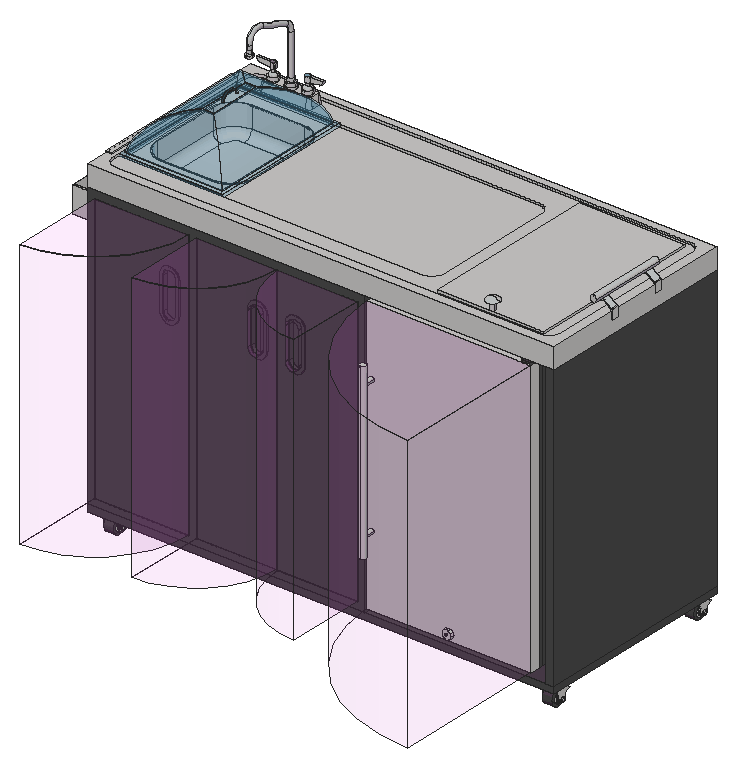
Revit family "QF_Summit_CARTOS54LS_Mobile_Outdoor_Serving_Station_with_Refrigerator", category Specialty Equipment, Revit 2020
Family settings
  Round Connector Dimension = Use Diameter
  Part Type = Normal
  Work Plane-Based = No
  Always vertical = Yes
  Cut with Voids When Loaded = No
  Shared = No
  Room Calculation Point = No
Parameters
  Weight in Pounds = 180
  Watts = Volts * FL Amps  # 0 W
  Volts = 0 V
  URL Cutsheet = ""
  Specification by User = ""
  Specification by Manufacturer = ""
  Show RHD [instance] = yes
  Show LHD [instance] = not(Show RHD)  # no
  Show Clearance [instance] = yes
  Serial Number = ""
  Seismic Rating = ""
  SMACNA No = ""
  Revision Code = ""
  Refrigerant Volume = 0.00 kip
  Refrigerant Type = "R600a"
  Phase = 0
  Number of Poles = 1
  NAFEM Spec ID Number = ""
  Model = "CARTOS54LS"
  Min Ckt Ampacity = 0 A
  Max Overcurrent Protection = 0 A
  Masterspec = ""
  Manufacturer = "Summit"
  Length = 57 7/8"
  Item Number = ""
  Installed By = ""
  Identify Quantity as Lot = yes
  Height = 38 1/2"
  HP = ""
  Furnished By = ""
  Foodservice Equipment Identifier = yes
  FL Amps = 0 A
  Electrical Remarks = ""
  Electric Connection Type = ""
  Elec Conn RI Height = 0"
  Elec Conn Connection Height = 0"
  Description = "Mobile Outdoor Serving Station with Refrigerator"
  Depth = 23 5/8"
  Default Elevation = 0"
  Cycle = 0 Hz
  Conn Plug = ""
  Conn Conduit = yes
  CSI MasterFormat = ""
  Apparent Power = if(Phase = 3, Volts * FL Amps * 1.73, Volts * FL Amps)  # 0 VA
Reference planes (in)
  plane 1 "BACK": y = 0
  plane 2: z = 0
  plane 3 "LEFT": x = -5.125
  plane 4 "RIGHT": x = 48.75
  plane 5 "FRONT": y = -23.625
  plane 6 "TOP": z = 38.5
  plane 7 "Center Y": x = 21.8125
  plane 8 "Center X": y = -11.8125
  plane 9 "Base Height": z = 2.5
  plane 10: y = -38.63
  plane 11: z = 3.25
  plane 12: x = -3.375
  plane 13: x = -9.125
Forms (in)
  Extrusion 1, solid, material "QF_Metal - Stainless - Polished"
    sketch origin (32, 0, 38.5) x (-1, 0, 0) y (0, -1, 0)
      loop
        line (37.125, 0) -> (37.125, 23.625) -> (-16.75, 23.625) -> (-16.75, 0) -> (37.125, 0)
      loop
        arc (35.4375, 15.73093) -> (34.68696, 17.54289) -> (32.875, 18.29343) r 2.5625
        line (32.875, 18.29343) -> (26.875, 18.29343)
        arc (26.875, 18.29343) -> (25.06304, 17.54289) -> (24.3125, 15.73093) r 2.5625
        line (24.3125, 15.73093) -> (24.3125, 7.73093)
        arc (24.3125, 7.73093) -> (25.06304, 5.91896) -> (26.875, 5.16843) r 2.5625
        line (26.875, 5.16843) -> (32.875, 5.16843)
        arc (32.875, 5.16843) -> (34.68696, 5.91896) -> (35.4375, 7.73093) r 2.5625
        line (35.4375, 7.73093) -> (35.4375, 15.73093)
    from 0 to -2.375
  Sweep 2, solid, material "QF_Metal - Stainless - Polished"
    path origin (-7.6696, 0.875, 0) x (1, 0, 0) y (0, 1, 0)
      loop
        arc (4.2946, -16.60593) -> (5.02683, -18.37369) -> (6.7946, -19.10593) r 2.5
        line (6.7946, -19.10593) -> (12.7946, -19.10593)
        arc (12.7946, -19.10593) -> (14.56236, -18.37369) -> (15.2946, -16.60593) r 2.5
        line (15.2946, -16.60593) -> (15.2946, -8.60593)
        arc (15.2946, -8.60593) -> (14.56236, -6.83816) -> (12.7946, -6.10593) r 2.5
        line (12.7946, -6.10593) -> (6.7946, -6.10593)
        arc (6.7946, -6.10593) -> (5.02683, -6.83816) -> (4.2946, -8.60593) r 2.5
        line (4.2946, -8.60593) -> (4.2946, -16.60593)
    profile origin (-3.375, -11.73093, 0) x (-1, 0, 0) y (0, 0, 1)
      loop
        line (0, 38) -> (0, 35.5625)
        arc (0, 35.5625) -> (-0.29289, 34.85539) -> (-1, 34.5625) r 1
        line (-1, 34.5625) -> (-1, 34.5)
        arc (-1, 34.5) -> (-0.2487, 34.8112) -> (0.0625, 35.5625) r 1.0625
        line (0.0625, 35.5625) -> (0.0625, 38) -> (0, 38)
  Extrusion 3, solid, material "QF_Plastic - Black - Smooth"
    sketch origin (-18.18739, -180, 2.5) x (-1, 0, 0) y (0, -1, 0)
      loop
        line (-13.06239, -180) -> (-13.06239, -156.375) -> (-13.93739, -156.375) -> (-13.93739, -179) -> (-44.31239, -179) -> (-44.31239, -156.375) -> (-45.18739, -156.375) -> (-45.18739, -179) -> (-66.06239, -179) -> (-66.06239, -156.375) -> (-66.93739, -156.375) -> (-66.93739, -180) -> (-13.06239, -180)
    from 0.75 to 33.625
  Extrusion 4, solid, material "QF_Plastic - Black - Smooth"
    sketch origin (-4.25, -23.625, 2.5) x (-1, 0, 0) y (0, 0, -1)
      loop
        line (0, -33.625) -> (0, -32.75) -> (-10.875, -32.75) -> (-10.875, -33.625) -> (0, -33.625)
      loop
        line (-11.75, -33.625) -> (-11.75, -32.75) -> (-30.375, -32.75) -> (-30.375, -33.625) -> (-11.75, -33.625)
    from 0 to -1
  Extrusion 5, solid, material "QF_Plastic - Black - Smooth"
    sketch origin (4.5, -1, 2.5) x (1, 0, 0) y (0, 0, 1)
      loop
        line (-8.75, 1.625) -> (-8.75, 0.75) -> (21.625, 0.75) -> (21.625, 1.625) -> (-8.75, 1.625)
    from 0 to 22.625
  Extrusion 6, solid, material "QF_Plastic - Black - Smooth"
    sketch origin (20, -23.625, 2.5) x (-1, 0, 0) y (0, 0, -1)
      loop
        line (24.25, -1.625) -> (13.375, -1.625) -> (13.375, -32.75) -> (24.25, -32.75) -> (24.25, -1.625)
      loop
        line (12.5, -32.75) -> (12.5, -1.625) -> (3.1875, -1.625) -> (3.1875, -32.75) -> (12.5, -32.75)
      loop
        line (3.0625, -32.75) -> (3.0625, -1.625) -> (-6.125, -1.625) -> (-6.125, -32.75) -> (3.0625, -32.75)
    from 0 to -1
  Extrusion 7, void
    sketch origin (7.40962, -23.625, 2.5) x (-1, 0, 0) y (0, 0, -1)
      loop
        line (3.78462, -27.625) -> (3.78462, -23.875)
        arc (3.78462, -23.875) -> (3.03462, -23.125) -> (2.28462, -23.875) r 0.75
        line (2.28462, -23.875) -> (2.28462, -27.625)
        arc (2.28462, -27.625) -> (3.03462, -28.375) -> (3.78462, -27.625) r 0.75
    from 0.5 to -0.5009
  Extrusion 8, solid, material "QF_Plastic - Black - Smooth"
    sketch origin (7.15962, -23.625, 2.5) x (-1, 0, 0) y (0, 0, -1)
      loop
        arc (3.53462, -23.875) -> (2.78462, -23.125) -> (2.03462, -23.875) r 0.75
        line (2.03462, -23.875) -> (2.03462, -27.625)
        arc (2.03462, -27.625) -> (2.78462, -28.375) -> (3.53462, -27.625) r 0.75
        line (3.53462, -27.625) -> (3.53462, -23.875)
      loop
        line (3.90962, -27.625) -> (3.90962, -23.875)
        arc (3.90962, -23.875) -> (2.78462, -22.75) -> (1.65962, -23.875) r 1.125
        line (1.65962, -23.875) -> (1.65962, -27.625)
        arc (1.65962, -27.625) -> (2.78462, -28.75) -> (3.90962, -27.625) r 1.125
    from 0 to 0.0625
  Extrusion 9, solid, material "QF_Metal - Stainless - Polished"
    sketch origin (-21.5615, 0.875, 5.375) x (1, 0, 0) y (0, 1, 0)
      loop
        line (19.1865, -8.60593) -> (19.1865, -16.60593)
        arc (19.1865, -16.60593) -> (19.62584, -17.66659) -> (20.6865, -18.10593) r 1.5
        line (20.6865, -18.10593) -> (26.6865, -18.10593)
        arc (26.6865, -18.10593) -> (27.74716, -17.66659) -> (28.1865, -16.60593) r 1.5
        line (28.1865, -16.60593) -> (28.1865, -8.60593)
        arc (28.1865, -8.60593) -> (27.74716, -7.54527) -> (26.6865, -7.10593) r 1.5
        line (26.6865, -7.10593) -> (20.6865, -7.10593)
        arc (20.6865, -7.10593) -> (19.62584, -7.54527) -> (19.1865, -8.60593) r 1.5
      loop
        circle (22.6865, -15.35593) r 0.875
    from 29.125 to 29.1875
  Extrusion 10, solid, material "QF_Clearances_Door_Drawer", visible <- "Show Clearance"
    sketch origin (-7.19319, 0, 0) x (1, 0, 0) y (0, 1, 0)
      loop
        arc (24.13069, -23.625) -> (26.82165, -30.12154) -> (33.31819, -32.8125) r 9.1875
        line (33.31819, -32.8125) -> (33.31819, -23.625) -> (24.13069, -23.625)
      loop
        line (24.00569, -23.625) -> (14.69319, -23.625) -> (14.69319, -32.9375)
        arc (14.69319, -32.9375) -> (21.27813, -30.20993) -> (24.00569, -23.625) r 9.3125
      loop
        line (13.81819, -23.625) -> (2.94319, -23.625) -> (2.94319, -34.5)
        arc (2.94319, -34.5) -> (10.63298, -31.31479) -> (13.81819, -23.625) r 10.875
    from 4.125 to 35.25
  Extrusion 11, void
    sketch origin (32, 0, 38.5) x (-1, 0, 0) y (0, -1, 0)
      loop
        arc (-15.75, 2.35593) -> (-15.31066, 1.29527) -> (-14.25, 0.85593) r 1.5
        line (-14.25, 0.85593) -> (34.625, 0.85593)
        arc (34.625, 0.85593) -> (35.68566, 1.29527) -> (36.125, 2.35593) r 1.5
        line (36.125, 2.35593) -> (36.125, 21.125)
        arc (36.125, 21.125) -> (35.68566, 22.18566) -> (34.625, 22.625) r 1.5
        line (34.625, 22.625) -> (-14.25, 22.625)
        arc (-14.25, 22.625) -> (-15.31066, 22.18566) -> (-15.75, 21.125) r 1.5
        line (-15.75, 21.125) -> (-15.75, 2.35593)
      loop
        arc (26.875, 18.29343) -> (25.06304, 17.54289) -> (24.3125, 15.73093) r 2.5625
        line (24.3125, 15.73093) -> (24.3125, 7.73093)
        arc (24.3125, 7.73093) -> (25.06304, 5.91896) -> (26.875, 5.16843) r 2.5625
        line (26.875, 5.16843) -> (32.875, 5.16843)
        arc (32.875, 5.16843) -> (34.68696, 5.91896) -> (35.4375, 7.73093) r 2.5625
        line (35.4375, 7.73093) -> (35.4375, 15.73093)
        arc (35.4375, 15.73093) -> (34.68696, 17.54289) -> (32.875, 18.29343) r 2.5625
        line (32.875, 18.29343) -> (26.875, 18.29343)
    from -0.25 to 1
  Extrusion 12, void
    sketch origin (32, 0, 38.25) x (-1, 0, 0) y (0, -1, 0)
      loop
        line (1.125, 3.35593) -> (36.125, 3.35593) -> (36.125, 20.35593) -> (1.125, 20.35593)
        arc (1.125, 20.35593) -> (0.06434, 19.91659) -> (-0.375, 18.85593) r 1.5
        line (-0.375, 18.85593) -> (-0.375, 4.85593)
        arc (-0.375, 4.85593) -> (0.06434, 3.79527) -> (1.125, 3.35593) r 1.5
      loop
        line (-2.0625, 1.5) -> (-2.0625, 22) -> (-14.3125, 22) -> (-14.3125, 1.5) -> (-2.0625, 1.5)
    from -0.25 to 1
  Extrusion 13, void
    sketch origin (8.05337, -23.625, 7.37985) x (-1, 0, 0) y (0, 0, -1)
      loop
        arc (-5.75913, -18.99515) -> (-6.50913, -18.24515) -> (-7.25913, -18.99515) r 0.75
        line (-7.25913, -18.99515) -> (-7.25913, -22.74515)
        arc (-7.25913, -22.74515) -> (-6.50913, -23.49515) -> (-5.75913, -22.74515) r 0.75
        line (-5.75913, -22.74515) -> (-5.75913, -18.99515)
    from 0.5 to -0.5009
  Extrusion 14, solid, material "QF_Plastic - Black - Smooth"
    sketch origin (7.80337, -23.625, 7.37985) x (-1, 0, 0) y (0, 0, -1)
      loop
        arc (-7.50913, -22.74515) -> (-6.75913, -23.49515) -> (-6.00913, -22.74515) r 0.75
        line (-6.00913, -22.74515) -> (-6.00913, -18.99515)
        arc (-6.00913, -18.99515) -> (-6.75913, -18.24515) -> (-7.50913, -18.99515) r 0.75
        line (-7.50913, -18.99515) -> (-7.50913, -22.74515)
      loop
        arc (-7.88413, -22.74515) -> (-6.75913, -23.87015) -> (-5.63413, -22.74515) r 1.125
        line (-5.63413, -22.74515) -> (-5.63413, -18.99515)
        arc (-5.63413, -18.99515) -> (-6.75913, -17.87015) -> (-7.88413, -18.99515) r 1.125
        line (-7.88413, -18.99515) -> (-7.88413, -22.74515)
    from 0 to 0.0625
  Extrusion 15, solid, material "QF_Plastic - Black - Smooth"
    sketch origin (-11.06091, -180, 2.5) x (-1, 0, 0) y (0, -1, 0)
      loop
        line (-5.93591, -180) -> (-5.93591, -156.375) -> (-59.81091, -156.375) -> (-59.81091, -180) -> (-5.93591, -180)
    from 0 to 0.75
  Extrusion 16, void
    sketch origin (12.42837, -23.625, 7.37985) x (-1, 0, 0) y (0, 0, -1)
      loop
        arc (-5.75913, -18.99515) -> (-6.50913, -18.24515) -> (-7.25913, -18.99515) r 0.75
        line (-7.25913, -18.99515) -> (-7.25913, -22.74515)
        arc (-7.25913, -22.74515) -> (-6.50913, -23.49515) -> (-5.75913, -22.74515) r 0.75
        line (-5.75913, -22.74515) -> (-5.75913, -18.99515)
    from 0.5 to -0.5009
  Extrusion 17, solid, material "QF_Plastic - Black - Smooth"
    sketch origin (12.17837, -23.625, 7.37985) x (-1, 0, 0) y (0, 0, -1)
      loop
        arc (-7.50913, -22.74515) -> (-6.75913, -23.49515) -> (-6.00913, -22.74515) r 0.75
        line (-6.00913, -22.74515) -> (-6.00913, -18.99515)
        arc (-6.00913, -18.99515) -> (-6.75913, -18.24515) -> (-7.50913, -18.99515) r 0.75
        line (-7.50913, -18.99515) -> (-7.50913, -22.74515)
      loop
        arc (-7.88413, -22.74515) -> (-6.75913, -23.87015) -> (-5.63413, -22.74515) r 1.125
        line (-5.63413, -22.74515) -> (-5.63413, -18.99515)
        arc (-5.63413, -18.99515) -> (-6.75913, -17.87015) -> (-7.88413, -18.99515) r 1.125
        line (-7.88413, -18.99515) -> (-7.88413, -22.74515)
    from 0 to 0.0625
  Extrusion 18, solid, material "QF_Plastic - Black - Smooth"
    sketch origin (-4.25, -23.625, 2.5) x (-1, 0, 0) y (0, 0, -1)
      loop
        line (-10.875, -33.625) -> (-10.875, -0.75) -> (-11.75, -0.75) -> (-11.75, -33.625) -> (-10.875, -33.625)
    from 0 to -1
  Extrusion 19, solid, material "QF_Metal - Stainless - Polished"
    sketch origin (0, 0, 0) x (1, 0, 0) y (0, 0, 1)
      loop
        circle (47.5, 39.77998) r 0.375
    from 7.23093 to 16.24046
  Extrusion 20, solid, material "QF_Metal - Stainless - Polished"
    sketch origin (0, 0, 0) x (1, 0, 0) y (0, 0, 1)
      loop
        line (47.25, 39.50047) -> (47.25, 39.34696)
        arc (47.25, 39.34696) -> (47.37059, 39.29701) -> (47.5, 39.27998) r 0.5
        arc (47.5, 39.27998) -> (47.62819, 39.29669) -> (47.74781, 39.34571) r 0.5
        arc (47.74781, 39.34571) -> (47.80199, 39.35875) -> (47.85473, 39.34077) r 0.1
        line (47.85473, 39.34077) -> (48.70736, 38.74376)
        arc (48.70736, 38.74376) -> (48.7387, 38.70801) -> (48.75, 38.66184) r 0.1
        line (48.75, 38.66184) -> (48.75, 37.66184) -> (48.875, 37.66184) -> (48.875, 38.72691)
        arc (48.875, 38.72691) -> (48.8637, 38.77309) -> (48.83236, 38.80883) r 0.1
        line (48.83236, 38.80883) -> (47.78815, 39.53999)
        arc (47.78815, 39.53999) -> (47.52746, 39.40598) -> (47.25, 39.50047) r 0.375
    from 8.24046 to 8.99046
  Extrusion 21, solid, material "QF_Metal - Stainless - Polished"
    sketch origin (0, -11.8125, 0) x (-1, 0, 0) y (0, 0, 1)
      loop
        arc (-47.85473, 39.34077) -> (-47.80199, 39.35875) -> (-47.74781, 39.34571) r 0.1
        arc (-47.74781, 39.34571) -> (-47.62819, 39.29669) -> (-47.5, 39.27998) r 0.5
        arc (-47.5, 39.27998) -> (-47.37059, 39.29701) -> (-47.25, 39.34696) r 0.5
        line (-47.25, 39.34696) -> (-47.25, 39.50047)
        arc (-47.25, 39.50047) -> (-47.52746, 39.40598) -> (-47.78815, 39.53999) r 0.375
        line (-47.78815, 39.53999) -> (-48.83236, 38.80883)
        arc (-48.83236, 38.80883) -> (-48.8637, 38.77309) -> (-48.875, 38.72691) r 0.1
        line (-48.875, 38.72691) -> (-48.875, 37.66184) -> (-48.75, 37.66184) -> (-48.75, 38.66184)
        arc (-48.75, 38.66184) -> (-48.7387, 38.70801) -> (-48.70736, 38.74376) r 0.1
        line (-48.70736, 38.74376) -> (-47.85473, 39.34077)
    from -2.67796 to -3.42796
  Extrusion 22, solid, material "QF_Metal - Stainless - Polished"
    sketch origin (0, 0, 38.5) x (-1, 0, 0) y (0, -1, 0)
      loop
        line (9.125, 2.8125) -> (9.125, 20.8125) -> (5.125, 20.8125) -> (5.125, 2.8125) -> (9.125, 2.8125)
      loop
        line (9, 2.9375) -> (9, 20.6875) -> (5.25, 20.6875) -> (5.25, 2.9375) -> (9, 2.9375)
    from -4.75 to -7.75
  Extrusion 23, solid, material "QF_Metal - Stainless - Polished"
    sketch origin (0, -11.8125, 0) x (-1, 0, 0) y (0, 0, 1)
      loop
        line (5.25, 33.75) -> (5.25, 38.625) -> (4.625, 38.625) -> (4.625, 38.5) -> (5.125, 38.5) -> (5.125, 33.75) -> (5.25, 33.75)
    from -9 to 9
  Sweep 24, solid, material "Glass"
    path origin (0.14063, -0.00258, 38) x (-1, 0, 0) y (0, -1, 0)
      loop
        line (4.26563, 20.35335) -> (-7.78995, 20.35335) -> (-7.78995, 3.35335) -> (4.26563, 3.35335) -> (4.26563, 20.35335)
    profile origin (-4.125, -11.85593, 38) x (-1, 0, 0) y (0, 0, 1)
      loop
        line (0, 0) -> (0, 0.5) -> (-0.5, 0.5) -> (-0.5, 0) -> (0, 0)
  Sweep 25, solid, material "Glass"
    path in 3D
      loop
        line (-3.625, -3.85593, 38.5) -> (7.43058, -3.85593, 38.5) -> (7.43058, -19.85593, 38.5) -> (-3.625, -19.85593, 38.5) -> (-3.625, -3.85593, 38.5)
    profile origin (-3.625, -11.85593, 38.5) x (-1, 0, 0) y (0, 0, 1)
      loop
        arc (0.12794, 0) -> (-1.6564, 2.93188) -> (-4.8745, 4.12503) r 5.22703
        line (-4.8745, 4.12503) -> (-4.8745, 4)
        arc (-4.8745, 4) -> (-1.74534, 2.84318) -> (0, 0) r 5.10203
        line (0, 0) -> (0.12794, 0)
  Extrusion 26, solid, material "Glass"
    sketch origin (1.80508, -15.56871, 42.49525) x (0, 0, 1) y (0, 1, 0)
      loop
        arc (0.12978, 2.63306) -> (1.00643, 3.76261) -> (0.12978, 4.89216) r 1.16603
        line (0.12978, 4.89216) -> (0.12978, 4.76261)
        arc (0.12978, 4.76261) -> (0.88143, 3.76261) -> (0.12978, 2.76261) r 1.04103
        line (0.12978, 2.76261) -> (0.12978, 2.63306)
    from 0 to -0.251
  Sweep 27, solid, material "Glass", not visible
    path origin (0, 0, 38.25) x (-1, 0, 0) y (0, -1, 0)
      loop
        line (4.26563, 20.35335) -> (-7.78995, 20.35335) -> (-7.78995, 3.35335) -> (4.26563, 3.35335) -> (4.26563, 20.35335)
    profile origin (-4.26563, -11.85335, 38.25) x (-1, 0, 0) y (0, 0, 1)
      loop
        line (0, 0) -> (0, 0.5) -> (-0.5, 0.5) -> (-0.5, 0) -> (0, 0)
  Sweep 28, solid, material "Glass", not visible
    path in 3D
      loop
        line (-3.76563, -3.85335, 38.75) -> (7.28995, -3.85335, 38.75) -> (7.28995, -19.85335, 38.75) -> (-3.76563, -19.85335, 38.75) -> (-3.76563, -3.85335, 38.75)
    profile origin (-3.76563, -11.85335, 38.75) x (-1, 0, 0) y (0, 0, 1)
      loop
        arc (0.12794, 0) -> (-1.6564, 2.93188) -> (-4.8745, 4.12503) r 5.22703
        line (-4.8745, 4.12503) -> (-4.8745, 4)
        arc (-4.8745, 4) -> (-1.74534, 2.84318) -> (0, 0) r 5.10203
        line (0, 0) -> (0.12794, 0)
  Extrusion 29, solid, material "Glass", not visible
    sketch origin (1.66445, -15.56613, 42.74525) x (0, 0, 1) y (0, 1, 0)
      loop
        arc (0.12978, 2.63306) -> (1.00643, 3.76261) -> (0.12978, 4.89216) r 1.16603
        line (0.12978, 4.89216) -> (0.12978, 4.76261)
        arc (0.12978, 4.76261) -> (0.88143, 3.76261) -> (0.12978, 2.76261) r 1.04103
        line (0.12978, 2.76261) -> (0.12978, 2.63306)
    from 0 to -0.251
  Extrusion 30, solid, material "QF_Metal - Stainless - Polished"
    sketch origin (32, 0, 38.25) x (-1, 0, 0) y (0, -1, 0)
      loop
        line (-2.0625, 1.5) -> (-2.0625, 22) -> (-14.3125, 22) -> (-14.3125, 1.5) -> (-2.0625, 1.5)
    from 0 to 0.25
  Revolve 31, solid, material "QF_Metal - Stainless - Polished"
    sketch origin (0, -21.65625, 0) x (-1, 0, 0) y (0, 0, 1)
      loop
        line (-40.1875, 38.5) -> (-39.9375, 38.5) -> (-39.9375, 39.5) -> (-39.4375, 39.5)
        arc (-39.4375, 39.5) -> (-39.76578, 39.77505) -> (-40.1875, 39.84973) r 0.82968
        line (-40.1875, 39.84973) -> (-40.1875, 38.5)
      axis (-40.1875, 39.84973) -> (-40.1875, 38.5)
    angle from 0 to 360
  Extrusion 32, solid, material "Glass"
    sketch origin (1.2495, -14.98142, 42.5) x (0, 1, 0) y (0, 0, 1)
      loop
        line (0, 0) -> (6.251, 0) -> (6.251, 0.12503) -> (0, 0.12503) -> (0, 0)
    from 0 to 1.30657
  Extrusion 33, solid, material "Glass", not visible
    sketch origin (1.10888, -14.97885, 42.75) x (0, 1, 0) y (0, 0, 1)
      loop
        line (0, 0) -> (6.251, 0) -> (6.251, 0.12503) -> (0, 0.12503) -> (0, 0)
    from 0 to 1.30657
Cuts and joins
  joined: Extrusion 3, Extrusion 4, Extrusion 5, Extrusion 18
  Extrusion 7, Extrusion 13, Extrusion 16 cuts Extrusion 6
  Extrusion 13 cuts Extrusion 8
  Extrusion 13, Extrusion 16 cuts Extrusion 10
  Extrusion 13, Extrusion 16 cuts Extrusion 14
  Extrusion 11, Extrusion 12 cuts Extrusion 1
  Extrusion 16 cuts Extrusion 17
  joined: Sweep 2, Extrusion 9
  joined: Extrusion 22, Extrusion 23
  joined: Sweep 24, Sweep 25, Extrusion 26, Extrusion 32
Lines and regions (in)
  Split face 1
    outline origin (-4.125, -3.35593, 38) x (1, 0, 0) y (0, 1, 0)
      loop
        arc (13.875, -1.875) -> (13.5, -2.25) -> (13.875, -2.625) r 0.375
        line (13.875, -2.625) -> (34.625, -2.625)
        arc (34.625, -2.625) -> (35, -2.25) -> (34.625, -1.875) r 0.375
        line (34.625, -1.875) -> (13.875, -1.875)
  Split face 2
    outline origin (-4.125, -3.35593, 38) x (1, 0, 0) y (0, 1, 0)
      loop
        arc (13.875, -3.125) -> (13.5, -3.5) -> (13.875, -3.875) r 0.375
        line (13.875, -3.875) -> (34.625, -3.875)
        arc (34.625, -3.875) -> (35, -3.5) -> (34.625, -3.125) r 0.375
        line (34.625, -3.125) -> (13.875, -3.125)
  Split face 3
    outline origin (-4.125, -3.35593, 38) x (1, 0, 0) y (0, 1, 0)
      loop
        arc (13.875, -4.375) -> (13.5, -4.75) -> (13.875, -5.125) r 0.375
        line (13.875, -5.125) -> (34.625, -5.125)
        arc (34.625, -5.125) -> (35, -4.75) -> (34.625, -4.375) r 0.375
        line (34.625, -4.375) -> (13.875, -4.375)
  Split face 4
    outline origin (-4.125, -3.35593, 38) x (1, 0, 0) y (0, 1, 0)
      loop
        arc (13.875, -5.625) -> (13.5, -6) -> (13.875, -6.375) r 0.375
        line (13.875, -6.375) -> (34.625, -6.375)
        arc (34.625, -6.375) -> (35, -6) -> (34.625, -5.625) r 0.375
        line (34.625, -5.625) -> (13.875, -5.625)
  Split face 5
    outline origin (-4.125, -3.35593, 38) x (1, 0, 0) y (0, 1, 0)
      loop
        arc (13.875, -6.875) -> (13.5, -7.25) -> (13.875, -7.625) r 0.375
        line (13.875, -7.625) -> (34.625, -7.625)
        arc (34.625, -7.625) -> (35, -7.25) -> (34.625, -6.875) r 0.375
        line (34.625, -6.875) -> (13.875, -6.875)
  Split face 6
    outline origin (-4.125, -3.35593, 38) x (1, 0, 0) y (0, 1, 0)
      loop
        line (13.875, -8.875) -> (34.625, -8.875)
        arc (34.625, -8.875) -> (35, -8.5) -> (34.625, -8.125) r 0.375
        line (34.625, -8.125) -> (13.875, -8.125)
        arc (13.875, -8.125) -> (13.5, -8.5) -> (13.875, -8.875) r 0.375
  Split face 7
    outline origin (-4.125, -3.35593, 38) x (1, 0, 0) y (0, 1, 0)
      loop
        arc (13.875, -9.375) -> (13.5, -9.75) -> (13.875, -10.125) r 0.375
        line (13.875, -10.125) -> (34.625, -10.125)
        arc (34.625, -10.125) -> (35, -9.75) -> (34.625, -9.375) r 0.375
        line (34.625, -9.375) -> (13.875, -9.375)
  Split face 8
    outline origin (-4.125, -3.35593, 38) x (1, 0, 0) y (0, 1, 0)
      loop
        line (13.875, -11.375) -> (34.625, -11.375)
        arc (34.625, -11.375) -> (35, -11) -> (34.625, -10.625) r 0.375
        line (34.625, -10.625) -> (13.875, -10.625)
        arc (13.875, -10.625) -> (13.5, -11) -> (13.875, -11.375) r 0.375
  Split face 9
    outline origin (-4.125, -3.35593, 38) x (1, 0, 0) y (0, 1, 0)
      loop
        arc (13.875, -11.875) -> (13.5, -12.25) -> (13.875, -12.625) r 0.375
        line (13.875, -12.625) -> (34.625, -12.625)
        arc (34.625, -12.625) -> (35, -12.25) -> (34.625, -11.875) r 0.375
        line (34.625, -11.875) -> (13.875, -11.875)
  Split face 10
    outline origin (-4.125, -3.35593, 38) x (1, 0, 0) y (0, 1, 0)
      loop
        line (13.875, -13.875) -> (34.625, -13.875)
        arc (34.625, -13.875) -> (35, -13.5) -> (34.625, -13.125) r 0.375
        line (34.625, -13.125) -> (13.875, -13.125)
        arc (13.875, -13.125) -> (13.5, -13.5) -> (13.875, -13.875) r 0.375
  Split face 11
    outline origin (-4.125, -3.35593, 38) x (1, 0, 0) y (0, 1, 0)
      loop
        line (13.875, -15.125) -> (34.625, -15.125)
        arc (34.625, -15.125) -> (35, -14.75) -> (34.625, -14.375) r 0.375
        line (34.625, -14.375) -> (13.875, -14.375)
        arc (13.875, -14.375) -> (13.5, -14.75) -> (13.875, -15.125) r 0.375
  Split face 12
    outline origin (32, 0, 38.5) x (-1, 0, 0) y (0, -1, 0)
      loop
        line (-2.75, 2.1875) -> (-2.75, 21.3125) -> (-13.625, 21.3125) -> (-13.625, 2.1875) -> (-2.75, 2.1875)
  sketch lines
    curve 1: line (-3.625, -19.85593, 38.5) -> (-3.625, -3.85593, 38.5)
    curve 2: line (-3.625, -3.85593, 38.5) -> (7.43058, -3.85593, 38.5)
    curve 3: line (7.43058, -19.85593, 38.5) -> (-3.625, -19.85593, 38.5)
    curve 4: line (7.43058, -3.85593, 38.5) -> (7.43058, -19.85593, 38.5)
  sketch lines, not visible
    curve 5: line (-3.76563, -19.85335, 38.75) -> (-3.76563, -3.85335, 38.75)
    curve 6: line (-3.76563, -3.85335, 38.75) -> (7.28995, -3.85335, 38.75)
    curve 7: line (7.28995, -19.85335, 38.75) -> (-3.76563, -19.85335, 38.75)
    curve 8: line (7.28995, -3.85335, 38.75) -> (7.28995, -19.85335, 38.75)
  symbolic lines
    curve 9: line (-4.125, -3.3585, 38.5) -> (-2.39167, -3.3585, 38.5)
    curve 10: line (-4.125, -20.35593, 38.5) -> (-4.125, -3.3585, 38.5)
    curve 11: line (7.93058, -20.35593, 38.5) -> (-4.125, -20.35593, 38.5)
    curve 12: line (7.93058, -3.3585, 38.5) -> (7.93058, -20.35593, 38.5)
    curve 13: line (1.80508, -10.67655, 38.5) -> (2.05608, -10.67655, 38.5)
    curve 14: line (1.80508, -12.93564, 38.5) -> (1.80508, -10.67655, 38.5)
    curve 15: line (2.05608, -12.93564, 38.5) -> (1.80508, -12.93564, 38.5)
    curve 16: line (2.05608, -10.67655, 38.5) -> (2.05608, -12.93564, 38.5)
    curve 25: line (-5.125, 0, 38.5) -> (48.75, 0, 38.5)
    curve 26: line (-5.125, -23.625, 38.5) -> (-5.125, -20.8125, 38.5)
    curve 27: line (48.75, -23.625, 38.5) -> (-5.125, -23.625, 38.5)
    curve 28: line (48.75, 0, 38.5) -> (48.75, -8.24046, 38.5)
    curve 29: line (47.85473, -8.24046, 38.5) -> (48.875, -8.24046, 38.5)
    curve 30: line (48.875, -8.24046, 38.5) -> (48.875, -8.99046, 38.5)
    curve 31: line (48.875, -8.99046, 38.5) -> (47.85473, -8.99046, 38.5)
    curve 32: line (47.875, -14.49046, 38.5) -> (48.875, -14.49046, 38.5)
    curve 33: line (48.875, -14.49046, 38.5) -> (48.875, -15.24046, 38.5)
    curve 34: line (48.875, -15.24046, 38.5) -> (47.85473, -15.24046, 38.5)
    curve 35: line (47.125, -7.23093, 38.5) -> (47.875, -7.23093, 38.5)
    curve 36: line (47.125, -16.24046, 38.5) -> (47.125, -7.23093, 38.5)
    curve 37: line (47.875, -16.24046, 38.5) -> (47.125, -16.24046, 38.5)
    curve 38: line (47.875, -7.23093, 38.5) -> (47.875, -16.24046, 38.5)
    curve 39: line (48.75, -15.24046, 38.5) -> (48.75, -23.625, 38.5)
    curve 40: line (48.75, -8.99046, 38.5) -> (48.75, -14.49046, 38.5)
    curve 41: arc (46.25, -0.85593, 38.5) -> (47.31066, -1.29527, 38.5) -> (47.75, -2.35593, 38.5) r 1.5
    curve 42: line (47.75, -2.35593, 38.5) -> (47.75, -7.23093, 38.5)
    curve 43: arc (47.75, -21.125, 38.5) -> (47.31066, -22.18566, 38.5) -> (46.25, -22.625, 38.5) r 1.5
    curve 44: line (46.25, -22.625, 38.5) -> (-2.625, -22.625, 38.5)
    curve 45: arc (-2.625, -22.625, 38.5) -> (-3.68566, -22.18566, 38.5) -> (-4.125, -21.125, 38.5) r 1.5
    curve 46: line (-4.125, -21.125, 38.5) -> (-4.125, -2.35593, 38.5)
    curve 47: arc (-4.125, -2.35593, 38.5) -> (-3.68566, -1.29527, 38.5) -> (-2.625, -0.85593, 38.5) r 1.5
    curve 48: line (-2.625, -0.85593, 38.5) -> (46.25, -0.85593, 38.5)
    curve 49: line (46.3125, -22, 38.5) -> (46.3125, -1.5, 38.5)
    curve 50: line (46.3125, -1.5, 38.5) -> (34.0625, -1.5, 38.5)
    curve 51: line (34.0625, -1.5, 38.5) -> (34.0625, -22, 38.5)
    curve 52: line (34.0625, -22, 38.5) -> (39.52091, -22, 38.5)
    curve 53: line (34.75, -21.3125, 38.5) -> (39.52091, -21.3125, 38.5)
    curve 54: line (34.75, -2.1875, 38.5) -> (34.75, -21.3125, 38.5)
    curve 55: line (45.625, -21.3125, 38.5) -> (45.625, -2.1875, 38.5)
    curve 56: line (45.625, -2.1875, 38.5) -> (34.75, -2.1875, 38.5)
    curve 57: circle (40.1875, -21.65625, 38.5) r 0.75 normal (0, 0, 1)
    curve 58: line (40.85409, -21.3125, 38.5) -> (45.625, -21.3125, 38.5)
    curve 59: line (40.85409, -22, 38.5) -> (46.3125, -22, 38.5)
    curve 60: line (47.75, -16.24046, 38.5) -> (47.75, -21.125, 38.5)
    curve 61: line (-9.125, -2.8125, 38.5) -> (-4.625, -2.8125, 38.5)
    curve 62: line (-9.125, -20.8125, 38.5) -> (-9.125, -2.8125, 38.5)
    curve 63: line (-4.625, -20.8125, 38.5) -> (-9.125, -20.8125, 38.5)
    curve 64: line (-4.625, -2.8125, 38.5) -> (-4.625, -20.8125, 38.5)
    curve 65: line (-9, -2.9375, 38.5) -> (-5.25, -2.9375, 38.5)
    curve 66: line (-9, -20.6875, 38.5) -> (-9, -2.9375, 38.5)
    curve 67: line (-5.25, -20.6875, 38.5) -> (-9, -20.6875, 38.5)
    curve 68: line (-5.25, -2.9375, 38.5) -> (-5.25, -20.6875, 38.5)
    curve 69: line (30.875, -3.35593, 38.5) -> (4.65967, -3.35593, 38.5)
    curve 70: line (-4.125, -20.35593, 38.5) -> (30.875, -20.35593, 38.5)
    curve 71: arc (32.375, -4.85593, 38.5) -> (31.93566, -3.79527, 38.5) -> (30.875, -3.35593, 38.5) r 1.5
    curve 72: line (32.375, -18.85593, 38.5) -> (32.375, -4.85593, 38.5)
    curve 73: arc (30.875, -20.35593, 38.5) -> (31.93566, -19.91659, 38.5) -> (32.375, -18.85593, 38.5) r 1.5
    curve 74: line (30.5, -5.23093, 38.5) -> (9.75, -5.23093, 38.5)
    curve 75: arc (9.75, -5.23093, 38.5) -> (9.375, -5.60593, 38.5) -> (9.75, -5.98093, 38.5) r 0.375
    curve 76: line (9.75, -5.98093, 38.5) -> (30.5, -5.98093, 38.5)
    curve 77: arc (30.5, -5.98093, 38.5) -> (30.875, -5.60593, 38.5) -> (30.5, -5.23093, 38.5) r 0.375
    curve 78: line (9.75, -6.48093, 38.5) -> (30.5, -6.48093, 38.5)
    curve 79: arc (30.5, -6.48093, 38.5) -> (30.875, -6.85593, 38.5) -> (30.5, -7.23093, 38.5) r 0.375
    curve 80: line (30.5, -7.23093, 38.5) -> (9.75, -7.23093, 38.5)
    curve 81: arc (9.75, -7.23093, 38.5) -> (9.375, -6.85593, 38.5) -> (9.75, -6.48093, 38.5) r 0.375
    curve 82: line (9.75, -7.73093, 38.5) -> (30.5, -7.73093, 38.5)
    curve 83: arc (30.5, -7.73093, 38.5) -> (30.875, -8.10593, 38.5) -> (30.5, -8.48093, 38.5) r 0.375
    curve 84: line (30.5, -8.48093, 38.5) -> (9.75, -8.48093, 38.5)
    curve 85: arc (9.75, -8.48093, 38.5) -> (9.375, -8.10593, 38.5) -> (9.75, -7.73093, 38.5) r 0.375
    curve 86: line (30.5, -8.98093, 38.5) -> (9.75, -8.98093, 38.5)
    curve 87: arc (9.75, -8.98093, 38.5) -> (9.375, -9.35593, 38.5) -> (9.75, -9.73093, 38.5) r 0.375
    curve 88: line (9.75, -9.73093, 38.5) -> (30.5, -9.73093, 38.5)
    curve 89: arc (30.5, -9.73093, 38.5) -> (30.875, -9.35593, 38.5) -> (30.5, -8.98093, 38.5) r 0.375
    curve 90: line (30.5, -10.23093, 38.5) -> (9.75, -10.23093, 38.5)
    curve 91: arc (9.75, -10.23093, 38.5) -> (9.375, -10.60593, 38.5) -> (9.75, -10.98093, 38.5) r 0.375
    curve 92: line (9.75, -10.98093, 38.5) -> (30.5, -10.98093, 38.5)
    curve 93: arc (30.5, -10.98093, 38.5) -> (30.875, -10.60593, 38.5) -> (30.5, -10.23093, 38.5) r 0.375
    curve 94: line (30.5, -11.48093, 38.5) -> (9.75, -11.48093, 38.5)
    curve 95: arc (9.75, -11.48093, 38.5) -> (9.375, -11.85593, 38.5) -> (9.75, -12.23093, 38.5) r 0.375
    curve 96: line (9.75, -12.23093, 38.5) -> (30.5, -12.23093, 38.5)
    curve 97: arc (30.5, -12.23093, 38.5) -> (30.875, -11.85593, 38.5) -> (30.5, -11.48093, 38.5) r 0.375
    curve 98: line (9.75, -12.73093, 38.5) -> (30.5, -12.73093, 38.5)
    curve 99: arc (30.5, -12.73093, 38.5) -> (30.875, -13.10593, 38.5) -> (30.5, -13.48093, 38.5) r 0.375
    curve 100: line (30.5, -13.48093, 38.5) -> (9.75, -13.48093, 38.5)
    curve 101: arc (9.75, -13.48093, 38.5) -> (9.375, -13.10593, 38.5) -> (9.75, -12.73093, 38.5) r 0.375
    curve 102: line (30.5, -13.98093, 38.5) -> (9.75, -13.98093, 38.5)
    curve 103: arc (9.75, -13.98093, 38.5) -> (9.375, -14.35593, 38.5) -> (9.75, -14.73093, 38.5) r 0.375
    curve 104: line (9.75, -14.73093, 38.5) -> (30.5, -14.73093, 38.5)
    curve 105: arc (30.5, -14.73093, 38.5) -> (30.875, -14.35593, 38.5) -> (30.5, -13.98093, 38.5) r 0.375
    curve 106: line (9.75, -15.23093, 38.5) -> (30.5, -15.23093, 38.5)
    curve 107: arc (30.5, -15.23093, 38.5) -> (30.875, -15.60593, 38.5) -> (30.5, -15.98093, 38.5) r 0.375
    curve 108: line (30.5, -15.98093, 38.5) -> (9.75, -15.98093, 38.5)
    curve 109: arc (9.75, -15.98093, 38.5) -> (9.375, -15.60593, 38.5) -> (9.75, -15.23093, 38.5) r 0.375
    curve 110: line (9.75, -16.48093, 38.5) -> (30.5, -16.48093, 38.5)
    curve 111: arc (30.5, -16.48093, 38.5) -> (30.875, -16.85593, 38.5) -> (30.5, -17.23093, 38.5) r 0.375
    curve 112: line (30.5, -17.23093, 38.5) -> (9.75, -17.23093, 38.5)
    curve 113: arc (9.75, -17.23093, 38.5) -> (9.375, -16.85593, 38.5) -> (9.75, -16.48093, 38.5) r 0.375
    curve 114: line (9.75, -17.73093, 38.5) -> (30.5, -17.73093, 38.5)
    curve 115: arc (30.5, -17.73093, 38.5) -> (30.875, -18.10593, 38.5) -> (30.5, -18.48093, 38.5) r 0.375
    curve 116: line (30.5, -18.48093, 38.5) -> (9.75, -18.48093, 38.5)
    curve 117: arc (9.75, -18.48093, 38.5) -> (9.375, -18.10593, 38.5) -> (9.75, -17.73093, 38.5) r 0.375
    curve 118: line (-0.875, -5.23093, 38.5) -> (0.79557, -5.23093, 38.5)
    curve 119: arc (5.125, -5.23093, 38.5) -> (6.89277, -5.96316, 38.5) -> (7.625, -7.73093, 38.5) r 2.5
    curve 120: line (7.625, -7.73093, 38.5) -> (7.625, -15.73093, 38.5)
    curve 121: arc (7.625, -15.73093, 38.5) -> (6.89277, -17.49869, 38.5) -> (5.125, -18.23093, 38.5) r 2.5
    curve 122: line (5.125, -18.23093, 38.5) -> (-0.875, -18.23093, 38.5)
    curve 123: arc (-0.875, -18.23093, 38.5) -> (-2.64277, -17.49869, 38.5) -> (-3.375, -15.73093, 38.5) r 2.5
    curve 124: line (-3.375, -15.73093, 38.5) -> (-3.375, -7.73093, 38.5)
    curve 125: arc (-3.375, -7.73093, 38.5) -> (-2.64277, -5.96316, 38.5) -> (-0.875, -5.23093, 38.5) r 2.5
    curve 126: arc (0.25, -14.48093, 38.5) -> (1.125, -13.60593, 38.5) -> (2, -14.48093, 38.5) r 0.875
    curve 127: arc (2, -14.48093, 38.5) -> (1.125, -15.35593, 38.5) -> (0.25, -14.48093, 38.5) r 0.875
    curve 128: line (1.40967, -5.23093, 38.5) -> (5.125, -5.23093, 38.5)
    curve 129: line (0.79557, -3.35593, 38.5) -> (-1.94866, -3.35593, 38.5)
    curve 130: line (4.15967, -3.35593, 38.5) -> (1.40967, -3.35593, 38.5)
    curve 131: line (-2.375, -3.35593, 38.5) -> (-4.125, -3.35593, 38.5)
    curve 132: line (-1.92809, -3.3585, 38.5) -> (0.82191, -3.3585, 38.5)
    curve 133: line (1.44292, -3.3585, 38.5) -> (4.19292, -3.3585, 38.5)
    curve 134: line (4.69292, -3.3585, 38.5) -> (7.93058, -3.3585, 38.5)
    curve 144: line (-5.125, -2.8125, 38.5) -> (-5.125, 0, 38.5)
    curve 145: line (-3.75294, -3.72798, 38.5) -> (7.55852, -3.72798, 38.5)
    curve 146: line (-3.75294, -19.98387, 38.5) -> (-3.75294, -3.72798, 38.5)
    curve 147: line (7.55852, -19.98387, 38.5) -> (-3.75294, -19.98387, 38.5)
    curve 148: line (7.55852, -3.72798, 38.5) -> (7.55852, -19.98387, 38.5)
    curve 149: line (2.55608, -8.73043, 38.5) -> (7.55852, -3.72798, 38.5)
    curve 150: line (-3.75294, -3.72798, 38.5) -> (1.2495, -8.73043, 38.5)
    curve 151: line (1.2495, -14.98142, 38.5) -> (-3.75294, -19.98387, 38.5)
    curve 152: line (7.43058, -19.85593, 38.5) -> (2.55608, -14.98142, 38.5)
    curve 153: line (1.2495, -8.73043, 38.5) -> (2.55608, -8.73043, 38.5)
    curve 154: line (1.2495, -14.98142, 38.5) -> (1.2495, -8.73043, 38.5)
    curve 155: line (2.55608, -14.98142, 38.5) -> (1.2495, -14.98142, 38.5)
    curve 156: line (2.55608, -8.73043, 38.5) -> (2.55608, -14.98142, 38.5)
  symbolic lines, not visible
    curve 17: line (-4.26563, -3.35593, 38.75) -> (-2.5323, -3.35593, 38.75)
    curve 18: line (-4.26563, -20.35335, 38.75) -> (-4.26563, -3.35593, 38.75)
    curve 19: line (7.78995, -20.35335, 38.75) -> (-4.26563, -20.35335, 38.75)
    curve 20: line (7.78995, -3.35593, 38.75) -> (7.78995, -20.35335, 38.75)
    curve 21: line (1.66445, -10.67397, 38.75) -> (1.91545, -10.67397, 38.75)
    curve 22: line (1.66445, -12.93307, 38.75) -> (1.66445, -10.67397, 38.75)
    curve 23: line (1.91545, -12.93307, 38.75) -> (1.66445, -12.93307, 38.75)
    curve 24: line (1.91545, -10.67397, 38.75) -> (1.91545, -12.93307, 38.75)
    curve 135: line (-2.06872, -3.35593, 38.75) -> (0.68128, -3.35593, 38.75)
    curve 136: line (1.30229, -3.35593, 38.75) -> (4.05229, -3.35593, 38.75)
    curve 137: line (4.55229, -3.35593, 38.75) -> (7.78995, -3.35593, 38.75)
    curve 157: line (-3.89357, -3.72541, 38.75) -> (7.41789, -3.72541, 38.75)
    curve 158: line (-3.89357, -19.98129, 38.75) -> (-3.89357, -3.72541, 38.75)
    curve 159: line (7.41789, -19.98129, 38.75) -> (-3.89357, -19.98129, 38.75)
    curve 160: line (7.41789, -3.72541, 38.75) -> (7.41789, -19.98129, 38.75)
    curve 161: line (2.41545, -8.72785, 38.75) -> (7.41789, -3.72541, 38.75)
    curve 162: line (-3.89357, -3.72541, 38.75) -> (1.10888, -8.72785, 38.75)
    curve 163: line (1.10888, -14.97885, 38.75) -> (-3.89357, -19.98129, 38.75)
    curve 164: line (7.28995, -19.85335, 38.75) -> (2.41545, -14.97885, 38.75)
    curve 165: line (1.10888, -8.72785, 38.75) -> (2.41545, -8.72785, 38.75)
    curve 166: line (1.10888, -14.97885, 38.75) -> (1.10888, -8.72785, 38.75)
    curve 167: line (2.41545, -14.97885, 38.75) -> (1.10888, -14.97885, 38.75)
    curve 168: line (2.41545, -8.72785, 38.75) -> (2.41545, -14.97885, 38.75)
  symbolic lines, style "QF_Clearances_Door_Drawer", visible <- "Show Clearance"
    curve 138: arc (6.625, -23.625, 38.5) -> (6.25444, -26.43966, 38.5) -> (5.16803, -29.0625, 38.5) r 10.875
    curve 139: line (5.16803, -29.0625, 38.5) -> (-4.25, -23.625, 38.5)
    curve 140: arc (16.8125, -23.625, 38.5) -> (16.49518, -26.03525, 38.5) -> (15.56486, -28.28125, 38.5) r 9.3125
    curve 141: line (15.56486, -28.28125, 38.5) -> (7.5, -23.625, 38.5)
    curve 142: arc (16.9375, -23.625, 38.5) -> (17.25056, -26.0029, 38.5) -> (18.16839, -28.21875, 38.5) r 9.1875
    curve 143: line (26.125, -23.625, 38.5) -> (18.16839, -28.21875, 38.5)
Dimensions and locks (in)
  equal spacing: plane 3 "LEFT", plane 7 "Center Y", plane 4 "RIGHT"
  plane 13 to plane 4 "RIGHT" = 57 7/8"
  equal spacing: plane 5 "FRONT", plane 8 "Center X", plane 1 "BACK"
  "Depth": plane 5 "FRONT" to plane 1 "BACK"
  "Height": plane 6 "TOP" to level
  plane 10 to plane 1 "BACK" = 38.63"
  plane 6 "TOP" to plane 11 = 35 1/4"
  plane 3 "LEFT" to plane 4 "RIGHT" = 53 7/8"
  plane 13 to plane 3 "LEFT" = 4"
  aligned and locked: level to plane 2
Automatic sketch dimensions
  plane 1 "BACK" to Extrusion 1 sketch curve = 0"
  Extrusion 1 sketch curve to plane 4 "RIGHT" = 0"
  Extrusion 1 sketch curve to plane 3 "LEFT" = 0"
  plane 5 "FRONT" to Extrusion 1 sketch curve = 0"
  plane 1 "BACK" to Extrusion 1 sketch curve = 5.16843"
  Extrusion 1 sketch curve to plane 8 "Center X" = 3.91843"
  Sweep 2 sketch curve to Sweep 2 sketch curve = 2 1/2"  (x3)
  Sweep 2 sketch curve to plane 5 "FRONT" = 5.39407"
  plane 8 "Center X" to Sweep 2 sketch curve = 4.08157"
  Sweep 2 sketch curve to Sweep 2 sketch curve = 0"  (x2)
  Sweep 2 sketch curve to profile plane = 0"
  profile plane to Sweep 2 sketch curve = 1"
  Sweep 2 sketch curve to profile plane = 1/16"
  level to Sweep 2 sketch curve = 34 1/2"
  Sweep 2 sketch curve to Sweep 2 sketch curve = 2 7/16"
  plane 1 "BACK" to Extrusion 3 sketch curve = 0"
  Extrusion 3 sketch curve to plane 4 "RIGHT" = 0"
  plane 5 "FRONT" to Extrusion 3 sketch curve = 0"  (x3)
  Extrusion 3 sketch curve to plane 3 "LEFT" = 0"
  plane 4 "RIGHT" to Extrusion 3 sketch curve = 7/8"
  plane 7 "Center Y" to Extrusion 3 sketch curve = 5 3/16"
  Extrusion 3 sketch curve to Extrusion 3 sketch curve = 7/8"
  Extrusion 3 sketch curve to Extrusion 3 sketch curve = 0"
  plane 1 "BACK" to Extrusion 3 sketch curve = 1"
  Extrusion 4 sketch curve to Extrusion 3 = 0"  (x3)
  Extrusion 3 to Extrusion 4 sketch curve = 10 7/8"
  Extrusion 4 sketch curve to Extrusion 4 sketch curve = 7/8"
  Extrusion 3 to Extrusion 4 sketch curve = 7/8"
  Extrusion 4 sketch curve to Extrusion 4 sketch curve = 18 5/8"
  Extrusion 4 sketch curve to Extrusion 4 sketch curve = 0"
  Extrusion 5 sketch curve to Extrusion 5 sketch curve = 30 3/8"
  Extrusion 6 sketch curve to Extrusion 3 = 0"
  Extrusion 3 to Extrusion 6 sketch curve = 7/8"  (x4)
  Extrusion 3 to Extrusion 6 sketch curve = 10 7/8"
  Extrusion 6 sketch curve to Extrusion 6 sketch curve = 7/8"
  Extrusion 6 sketch curve to Extrusion 6 sketch curve = 9 5/16"
  Extrusion 6 sketch curve to Extrusion 6 sketch curve = 1/8"
  Extrusion 6 sketch curve to Extrusion 6 sketch curve = 9 3/16"
  Extrusion 6 sketch curve to Extrusion 6 sketch curve = 0"  (x2)
  Extrusion 3 to Extrusion 7 sketch curve = 9 3/8"
  Extrusion 7 sketch curve to Extrusion 7 sketch curve = 3/4"
  Extrusion 3 to Extrusion 7 sketch curve = 6"
  Extrusion 7 sketch curve to Extrusion 7 sketch curve = 3 3/4"
  Extrusion 8 sketch curve to Extrusion 8 sketch curve = 0"  (x4)
  Extrusion 3 to Extrusion 8 sketch curve = 9 3/4"
  Extrusion 8 sketch curve to Extrusion 8 sketch curve = 3/8"
  Extrusion 8 sketch curve to Extrusion 8 sketch curve = 3/4"
  Extrusion 3 to Extrusion 8 sketch curve = 6"
  Extrusion 8 sketch curve to Extrusion 8 sketch curve = 3 3/4"
  Extrusion 9 sketch curve to Extrusion 9 sketch curve = 1 1/2"  (x3)
  Extrusion 9 sketch curve to plane 8 "Center X" = 5.41843"
  plane 8 "Center X" to Extrusion 9 sketch curve = 4.08157"
  Extrusion 11 sketch curve to Extrusion 1 = 2 1/2"  (x3)
  Extrusion 11 sketch curve to Extrusion 1 = 1"
  Extrusion 1 to Extrusion 11 sketch curve = 2 9/16"  (x2)
  Extrusion 11 sketch curve to Extrusion 1 = 2.35593"
  Extrusion 12 sketch curve to Extrusion 11 = 1 13/16"
  Extrusion 12 sketch curve to Extrusion 11 = 16 7/8"
  Extrusion 12 sketch curve to Extrusion 11 = 2 1/16"
  Extrusion 12 sketch curve to Extrusion 12 sketch curve = 0"
  Extrusion 12 sketch curve to Extrusion 11 = 9/16"
  Extrusion 12 sketch curve to Extrusion 11 = 5/8"
  Extrusion 12 sketch curve to Extrusion 12 sketch curve = 1 11/16"
  Extrusion 12 sketch curve to Extrusion 11 = 0.64407"
  Extrusion 12 sketch curve to Extrusion 11 = 1 7/16"
  Extrusion 3 to Extrusion 13 sketch curve = 6"
  Extrusion 3 to Extrusion 13 sketch curve = 19 9/16"
  Extrusion 13 sketch curve to Extrusion 13 sketch curve = 3/4"
  Extrusion 13 sketch curve to Extrusion 13 sketch curve = 3 3/4"
  Extrusion 14 sketch curve to Extrusion 14 sketch curve = 0"  (x4)
  Extrusion 3 to Extrusion 14 sketch curve = 6"
  Extrusion 3 to Extrusion 14 sketch curve = 19 15/16"
  Extrusion 14 sketch curve to Extrusion 14 sketch curve = 3/8"
  Extrusion 14 sketch curve to Extrusion 14 sketch curve = 3/4"
  Extrusion 14 sketch curve to Extrusion 14 sketch curve = 3 3/4"
  plane 1 "BACK" to Extrusion 15 sketch curve = 0"
  Extrusion 15 sketch curve to plane 4 "RIGHT" = 0"
  Extrusion 15 sketch curve to plane 3 "LEFT" = 0"
  plane 5 "FRONT" to Extrusion 15 sketch curve = 0"
  Extrusion 3 to Extrusion 16 sketch curve = 6"
  Extrusion 3 to Extrusion 16 sketch curve = 23 15/16"
  Extrusion 16 sketch curve to Extrusion 16 sketch curve = 3/4"
  Extrusion 16 sketch curve to Extrusion 16 sketch curve = 3 3/4"
  Extrusion 17 sketch curve to Extrusion 17 sketch curve = 0"  (x4)
  Extrusion 3 to Extrusion 17 sketch curve = 6"
  Extrusion 3 to Extrusion 17 sketch curve = 24 5/16"
  Extrusion 17 sketch curve to Extrusion 17 sketch curve = 3/8"
  Extrusion 17 sketch curve to Extrusion 17 sketch curve = 3/4"
  Extrusion 17 sketch curve to Extrusion 17 sketch curve = 3 3/4"
  Extrusion 5 sketch curve to plane 11 = 0"
  Extrusion 18 sketch curve to Extrusion 4 = 0"  (x2)
  Extrusion 4 to Extrusion 18 sketch curve = 0"
  Extrusion 4 to Extrusion 18 sketch curve = 32"
  plane 5 "FRONT" to Extrusion 10 sketch curve = 0"  (x3)
  Extrusion 10 sketch curve to plane 7 "Center Y" = 5"
  Extrusion 10 sketch curve to Extrusion 10 sketch curve = 1/8"
  plane 7 "Center Y" to Extrusion 10 sketch curve = 4 5/16"
  plane 10 to Extrusion 10 sketch curve = 4.13"
  cut or joined group of Extrusion 1, Extrusion 11, Extrusion 12 to Split face 1 sketch curve = 1/16"
  Split face 1 sketch curve to cut or joined group of Extrusion 1, Extrusion 11, Extrusion 12 = 2 1/16"
  cut or joined group of Extrusion 1, Extrusion 11, Extrusion 12 to Split face 1 sketch curve = 7/16"
  Split face 1 sketch curve to cut or joined group of Extrusion 1, Extrusion 11, Extrusion 12 = 1 7/8"
  plane 11 to Extrusion 5 sketch curve = 7/8"
  cut or joined group of Extrusion 1, Extrusion 11, Extrusion 12 to Split face 2 sketch curve = 1 5/16"
  Split face 2 sketch curve to cut or joined group of Extrusion 1, Extrusion 11, Extrusion 12 = 2 1/16"
  Split face 2 sketch curve to cut or joined group of Extrusion 1, Extrusion 11, Extrusion 12 = 1 7/8"
  Split face 2 sketch curve to Split face 2 sketch curve = 3/8"
  Split face 3 sketch curve to cut or joined group of Extrusion 1, Extrusion 11, Extrusion 12 = 2 1/16"
  Split face 3 sketch curve to cut or joined group of Extrusion 1, Extrusion 11, Extrusion 12 = 1 7/8"
  cut or joined group of Extrusion 1, Extrusion 11, Extrusion 12 to Split face 3 sketch curve = 3 5/16"
  Split face 3 sketch curve to Split face 3 sketch curve = 3/8"
  Split face 4 sketch curve to cut or joined group of Extrusion 1, Extrusion 11, Extrusion 12 = 2 1/16"
  Split face 4 sketch curve to cut or joined group of Extrusion 1, Extrusion 11, Extrusion 12 = 1 7/8"
  cut or joined group of Extrusion 1, Extrusion 11, Extrusion 12 to Split face 4 sketch curve = 4 9/16"
  Split face 4 sketch curve to Split face 4 sketch curve = 3/8"
  Split face 5 sketch curve to cut or joined group of Extrusion 1, Extrusion 11, Extrusion 12 = 2 1/16"
  Split face 5 sketch curve to cut or joined group of Extrusion 1, Extrusion 11, Extrusion 12 = 1 7/8"
  cut or joined group of Extrusion 1, Extrusion 11, Extrusion 12 to Split face 5 sketch curve = 5 13/16"
  Split face 5 sketch curve to Split face 5 sketch curve = 3/8"
  Split face 6 sketch curve to cut or joined group of Extrusion 1, Extrusion 11, Extrusion 12 = 2 1/16"
  Split face 6 sketch curve to cut or joined group of Extrusion 1, Extrusion 11, Extrusion 12 = 1 7/8"
  cut or joined group of Extrusion 1, Extrusion 11, Extrusion 12 to Split face 6 sketch curve = 6 1/16"
  Split face 6 sketch curve to Split face 6 sketch curve = 3/8"
  Split face 7 sketch curve to cut or joined group of Extrusion 1, Extrusion 11, Extrusion 12 = 2 1/16"
  Split face 7 sketch curve to cut or joined group of Extrusion 1, Extrusion 11, Extrusion 12 = 1 7/8"
  cut or joined group of Extrusion 1, Extrusion 11, Extrusion 12 to Split face 7 sketch curve = 4 13/16"
  Split face 7 sketch curve to Split face 7 sketch curve = 3/8"
  Split face 8 sketch curve to cut or joined group of Extrusion 1, Extrusion 11, Extrusion 12 = 2 1/16"
  Split face 8 sketch curve to cut or joined group of Extrusion 1, Extrusion 11, Extrusion 12 = 1 7/8"
  cut or joined group of Extrusion 1, Extrusion 11, Extrusion 12 to Split face 8 sketch curve = 3 9/16"
  Split face 8 sketch curve to Split face 8 sketch curve = 3/8"
  Split face 9 sketch curve to cut or joined group of Extrusion 1, Extrusion 11, Extrusion 12 = 2 1/16"
  Split face 9 sketch curve to cut or joined group of Extrusion 1, Extrusion 11, Extrusion 12 = 1 7/8"
  cut or joined group of Extrusion 1, Extrusion 11, Extrusion 12 to Split face 9 sketch curve = 2 5/16"
  Split face 9 sketch curve to Split face 9 sketch curve = 3/8"
  cut or joined group of Extrusion 1, Extrusion 11, Extrusion 12 to Split face 10 sketch curve = 1 1/16"
  Split face 10 sketch curve to cut or joined group of Extrusion 1, Extrusion 11, Extrusion 12 = 2 1/16"
  Split face 10 sketch curve to cut or joined group of Extrusion 1, Extrusion 11, Extrusion 12 = 1 7/8"
  Split face 10 sketch curve to Split face 10 sketch curve = 3/8"
  Split face 11 sketch curve to cut or joined group of Extrusion 1, Extrusion 11, Extrusion 12 = 3/16"
  Split face 11 sketch curve to cut or joined group of Extrusion 1, Extrusion 11, Extrusion 12 = 2 1/16"
  cut or joined group of Extrusion 1, Extrusion 11, Extrusion 12 to Split face 11 sketch curve = 3/16"
  Split face 11 sketch curve to cut or joined group of Extrusion 1, Extrusion 11, Extrusion 12 = 1 7/8"
  plane 4 "RIGHT" to Extrusion 20 sketch curve = 0"
  plane 4 "RIGHT" to Extrusion 20 sketch curve = 0.04264"
  Extrusion 20 sketch curve to Extrusion 20 sketch curve = 0.05736"  (x2)
  plane 4 "RIGHT" to Extrusion 20 sketch curve = 0.89527"
  Extrusion 20 sketch curve to Extrusion 20 sketch curve = 1/4"
  Extrusion 20 sketch curve to plane 4 "RIGHT" = 0.025"
  Extrusion 20 sketch curve to plane 4 "RIGHT" = 0.08236"
  Extrusion 20 sketch curve to Extrusion 20 sketch curve = 0.04264"
  Extrusion 20 sketch curve to plane 6 "TOP" = 0.83816"
  plane 6 "TOP" to Extrusion 20 sketch curve = 0.16184"
  Extrusion 20 sketch curve to Extrusion 20 sketch curve = 0.06507"
  plane 6 "TOP" to Extrusion 20 sketch curve = 0.75885"
  Extrusion 20 sketch curve to Extrusion 20 sketch curve = 0.08192"
  Extrusion 20 sketch curve to Extrusion 20 sketch curve = 0.08811"
  Extrusion 20 sketch curve to Extrusion 20 sketch curve = 0.04034"
  Extrusion 20 sketch curve to Extrusion 20 sketch curve = 0.1535"
  Extrusion 20 sketch curve to Extrusion 20 sketch curve = 0.19428"
  Extrusion 20 sketch curve to Extrusion 20 sketch curve = 0"  (x3)
  Extrusion 20 sketch curve to Extrusion 20 sketch curve = 0.27951"
  Extrusion 21 sketch curve to Extrusion 21 sketch curve = 0"  (x6)
  plane 4 "RIGHT" to Extrusion 21 sketch curve = 0"
  Extrusion 21 sketch curve to plane 4 "RIGHT" = 0.025"
  Extrusion 21 sketch curve to plane 4 "RIGHT" = 0.08236"
  Extrusion 21 sketch curve to Extrusion 21 sketch curve = 0.04264"
  plane 4 "RIGHT" to Extrusion 21 sketch curve = 0.04264"
  Extrusion 21 sketch curve to Extrusion 21 sketch curve = 0.05736"  (x2)
  plane 4 "RIGHT" to Extrusion 21 sketch curve = 0.89527"
  Extrusion 21 sketch curve to Extrusion 21 sketch curve = 0.06658"
  Extrusion 21 sketch curve to Extrusion 21 sketch curve = 0.28815"
  Extrusion 21 sketch curve to Extrusion 21 sketch curve = 1/4"
  Extrusion 21 sketch curve to plane 6 "TOP" = 0.83816"
  plane 6 "TOP" to Extrusion 21 sketch curve = 0.16184"
  Extrusion 21 sketch curve to Extrusion 21 sketch curve = 0.06507"
  plane 6 "TOP" to Extrusion 21 sketch curve = 0.75885"
  Extrusion 21 sketch curve to Extrusion 21 sketch curve = 0.08192"
  Extrusion 21 sketch curve to Extrusion 21 sketch curve = 0.08811"
  Extrusion 21 sketch curve to Extrusion 21 sketch curve = 0.1535"
  Extrusion 21 sketch curve to Extrusion 21 sketch curve = 51/256"
  Extrusion 22 sketch curve to plane 3 "LEFT" = 0"
  Extrusion 22 sketch curve to Extrusion 22 sketch curve = 4"
  plane 1 "BACK" to Extrusion 22 sketch curve = 2 13/16"
  Extrusion 22 sketch curve to plane 5 "FRONT" = 2 13/16"
  Extrusion 23 sketch curve to plane 6 "TOP" = 0"
  Extrusion 23 sketch curve to plane 3 "LEFT" = 0"
  plane 6 "TOP" to Extrusion 23 sketch curve = 1/8"
  plane 3 "LEFT" to Extrusion 23 sketch curve = 1/2"
  Extrusion 23 sketch curve to plane 3 "LEFT" = 1/8"
  Extrusion 23 sketch curve to plane 6 "TOP" = 4 3/4"
  Extrusion 22 sketch curve to Extrusion 22 sketch curve = 1/8"  (x3)
  Extrusion 22 sketch curve to plane 3 "LEFT" = 1/8"
  plane 3 "LEFT" to Extrusion 1 sketch curve = 4 1/4"  (x2)
  plane 3 "LEFT" to Extrusion 1 sketch curve = 1 11/16"
  plane 3 "LEFT" to Sweep 2 sketch curve = 4 1/4"
  plane 3 "LEFT" to Extrusion 3 sketch curve = 7/8"
  plane 3 "LEFT" to Extrusion 5 sketch curve = 7/8"
  Extrusion 9 sketch curve to Extrusion 9 sketch curve = 4"
  Extrusion 9 sketch curve to Extrusion 9 sketch curve = 2"
  Extrusion 9 sketch curve to Extrusion 9 sketch curve = 1 1/4"
  Extrusion 1 sketch curve to Extrusion 1 sketch curve = 8 9/16"
  Extrusion 1 sketch curve to Extrusion 1 sketch curve = 2 9/16"  (x2)
  Sweep 2 sketch curve to Sweep 2 sketch curve = 6"  (x2)
  plane 3 "LEFT" to Extrusion 9 sketch curve = 2 3/4"
  Extrusion 9 sketch curve to Extrusion 9 sketch curve = 6"
  plane 10 to Extrusion 10 sketch curve = 5.6925"
  Extrusion 10 sketch curve to Extrusion 10 sketch curve = 7/8"
  Extrusion 26 sketch curve to Extrusion 26 sketch curve = 0"  (x4)
  Extrusion 26 sketch curve to Extrusion 26 sketch curve = 1"
  Extrusion 26 sketch curve to Extrusion 26 sketch curve = 0.12955"
  Extrusion 26 sketch curve to Extrusion 26 sketch curve = 0.28938"  (x2)
  Extrusion 29 sketch curve to Extrusion 29 sketch curve = 0"  (x4)
  Extrusion 29 sketch curve to Extrusion 29 sketch curve = 1"
  Extrusion 29 sketch curve to Extrusion 29 sketch curve = 0.12955"
  Extrusion 29 sketch curve to Extrusion 29 sketch curve = 0.28938"  (x2)
  Extrusion 30 sketch curve to Extrusion 11 = 0.64407"
  Extrusion 30 sketch curve to Extrusion 11 = 1 7/16"
  Extrusion 30 sketch curve to Extrusion 11 = 5/8"
  Extrusion 30 sketch curve to Extrusion 30 sketch curve = 12 1/4"
  Split face 12 sketch curve to Extrusion 30 = 11/16"  (x4)
  Revolve 31 sketch curve to plane 6 "TOP" = 0"  (x2)
  plane 6 "TOP" to Revolve 31 sketch curve = 0.52311"
  plane 4 "RIGHT" to Revolve 31 sketch curve = 8.63358"
  Revolve 31 sketch curve to Revolve 31 sketch curve = 0.17892"
  Revolve 31 sketch curve to Revolve 31 sketch curve = 1/2"
  Revolve 31 sketch curve to Revolve 31 sketch curve = 0.47689"
  Revolve 31 sketch curve to Revolve 31 sketch curve = 1/4"
  Revolve 31 sketch curve to Revolve 31 sketch curve = 0"
  Revolve 31 sketch curve to plane 6 "TOP" = 1 1/2"
  Extrusion 1 to Extrusion 11 sketch curve = 13/16"  (x2)
  Extrusion 11 sketch curve to Extrusion 11 sketch curve = 1 1/2"
  Extrusion 12 sketch curve to Extrusion 11 = 0"
  Sweep 25 sketch curve to Sweep 25 sketch curve = 0"  (x3)
  Sweep 25 sketch curve to profile plane = 0"
  profile plane to Sweep 25 sketch curve = 4.8745"
  Sweep 25 sketch curve to profile plane = 1.1009"
